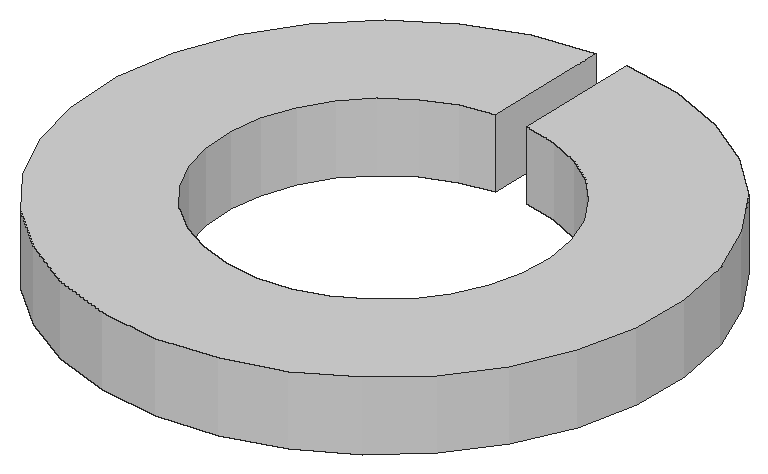
Revit family "SPRING WASHER B10 DIN127_9000001", category Generic Models, Revit 2018
Family settings
  Can host rebar = No
  Round Connector Dimension = Use Diameter
  Part Type = Normal
  OmniClass Number = 35.51.14.00
  OmniClass Title = FORMWORK
  Work Plane-Based = Yes
  Always vertical = No
  Cut with Voids When Loaded = No
  Shared = Yes
  Room Calculation Point = No
Parameters
  VERSION = "20190101"  # constant formula
  URL = "www.ulmaconstruction.com/en"
  UNICLASS = ""
  Manufacturer = "ULMA CONSTRUCTION"  # constant formula
  ITEM_CODE = "9000001"
  FILTER [instance] = ""
  Default Elevation = 0.000 mm
  CLASSIFICATION_TITLE = ""
  CLASSIFICATION_NUMBER = ""
Reference planes
  plane 1 "Centro (Frontal/Posterior)": y = 0
  plane 2: z = 0
  plane 3 "Centro (Izquierda/Derecha)": x = 0
Forms (mm)
  Extrusion 1, solid, material "ULMA ZINC", detail levels fine
    sketch origin (0, 0, 0) x (1, 0, 0) y (0, 1, 0)
      loop
        line (-0.5, 9.036) -> (-0.5, 5.075)
        arc (-0.5, 5.075) -> (0, -5.1) -> (0.5, 5.075) r 5.1
        line (0.5, 5.075) -> (0.5, 9.036)
        arc (0.5, 9.036) -> (0, -9.05) -> (-0.5, 9.036) r 9.05
    from 0 to 2.2
Lines and regions (mm)
  model lines, style "ULMA BOLT", detail levels medium
    curve 1: circle (0, 0, 0) r 5.1 normal (0, 0, 1)
    curve 2: circle (0, 0, 0) r 9.05 normal (0, 0, 1)
Dimensions and locks
  aligned and locked: level to plane 2
